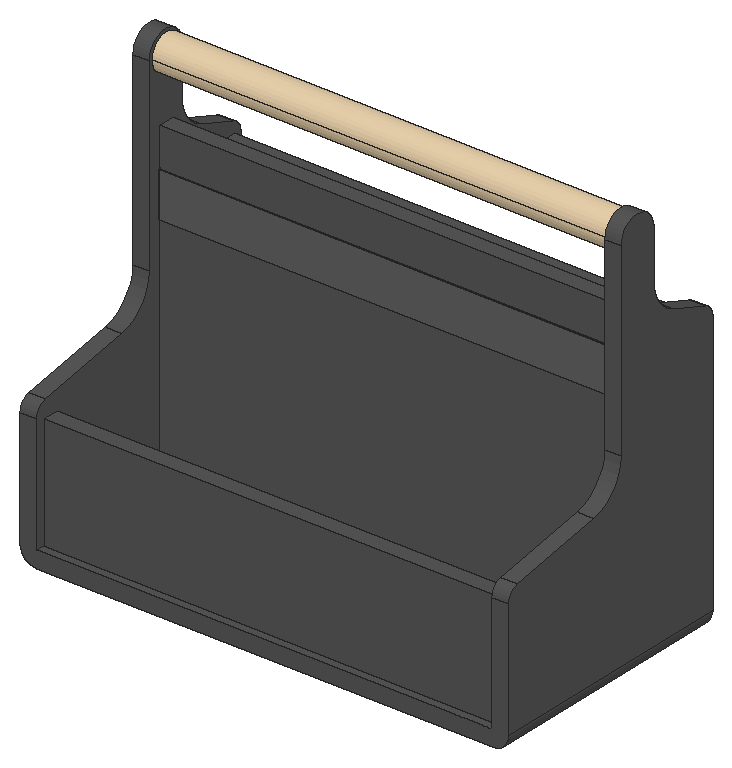
Revit family "Magnuson-YouMe-Desk_Caddy-", category Furniture, Revit 2020
Family settings
  OmniClass Number = 23.40.20.00
  OmniClass Title = General Furniture and Specialties
  Work Plane-Based = No
  Always vertical = Yes
  Cut with Voids When Loaded = No
  Shared = No
  Room Calculation Point = No
Parameters (values of type "YM20-CH")
  Width = 13.97635"
  URL = "www.magnusongroup.com"
  Type Comments = "YouMe"  # constant formula
  Salvage or Reuse = yes
  Rail Finish = MG - Wood
  Percentage of Recycled Content = 0
  Model = "YM20-CH"
  Manufacturer = "Magnuson Group"  # constant formula
  Low Emitting Material = yes
  Low Emitting Finish = yes
  Revit File Built By = "https://servex-us.com/servex-revit/"
  Keynote = "12500"  # constant formula
  Height Desk [instance] = 29"
  Height = 11 13/16"
  Front Finish = MG – Recycled PET
  Strap Finish = MG - Elastic (Strap)
  Divider Finish = MG – Recycled PET
  Description = "Personal caddy for laptops, tablets and other items made of Recycled PET with an Oak handle"
  Depth = 7.28345"
  Default Elevation = 0"
  Body Finish = MG – Recycled PET
  Back Finish = MG – Recycled PET
  Assembly Code = "E2020200"
Reference planes (in)
  plane 1 "Center Front/Back": y = 0
  plane 2: z = 0
  plane 3 "Center Left/Right": x = 0
  plane 4: x = 13.97635
  plane 5: y = -7.28345
  plane 6: z = 40.8125
  plane 7: z = 29
Forms (in)
  Extrusion 1, solid, material "MG – Recycled PET" <- "Body Finish"
    sketch origin (0.01933, 0, 6.75) x (0, 1, 0) y (0, 0, 1)
      loop
        line (0, 23) -> (0, 30.28193)
        arc (0, 30.28193) -> (-0.06674, 30.49548) -> (-0.24321, 30.63301) r 0.375
        line (-0.24321, 30.63301) -> (-1.37667, 31.0585)
        arc (-1.37667, 31.0585) -> (-1.90607, 31.4711) -> (-2.10629, 32.11174) r 1.125
        line (-2.10629, 32.11174) -> (-2.10629, 33.49245)
        arc (-2.10629, 33.49245) -> (-2.67716, 34.06331) -> (-3.24802, 33.49245) r 0.57087
        line (-3.24802, 33.49245) -> (-3.24802, 28.107)
        arc (-3.24802, 28.107) -> (-3.52582, 27.34377) -> (-4.22921, 26.93766) r 1.18737
        line (-4.22921, 26.93766) -> (-6.97357, 26.45376)
        arc (-6.97357, 26.45376) -> (-7.19572, 26.3255) -> (-7.28345, 26.08446) r 0.375
        line (-7.28345, 26.08446) -> (-7.28345, 23) -> (0, 23)
    from -0.01933 to 0.45311
  Extrusion 2, solid, material "MG – Recycled PET" <- "Body Finish"
    sketch origin (0, 0, 6.75) x (1, 0, 0) y (0, 0, 1)
      loop
        line (0, 23) -> (0, 22.71786)
        arc (0, 22.71786) -> (0.13703, 22.38703) -> (0.46786, 22.25) r 0.46786
        line (0.46786, 22.25) -> (13.5076, 22.25)
        arc (13.5076, 22.25) -> (13.83906, 22.38729) -> (13.97635, 22.71875) r 0.46875
        line (13.97635, 22.71875) -> (13.97635, 23) -> (13.50391, 23) -> (13.50391, 22.7224) -> (0.47244, 22.7224) -> (0.47244, 23) -> (0, 23)
    from 0 to 7.28345
  Extrusion 3, solid, material "MG – Recycled PET" <- "Body Finish"
    sketch origin (13.95702, 0, 6.75) x (0, 1, 0) y (0, 0, -1)
      loop
        line (0, -23) -> (-7.28345, -23) -> (-7.28345, -26.086)
        arc (-7.28345, -26.086) -> (-7.19572, -26.32704) -> (-6.97357, -26.4553) r 0.375
        line (-6.97357, -26.4553) -> (-4.22921, -26.9392)
        arc (-4.22921, -26.9392) -> (-3.52582, -27.34531) -> (-3.24802, -28.10854) r 1.18737
        line (-3.24802, -28.10854) -> (-3.24802, -33.49245)
        arc (-3.24802, -33.49245) -> (-2.67716, -34.06331) -> (-2.10629, -33.49245) r 0.57087
        line (-2.10629, -33.49245) -> (-2.10629, -32.11174)
        arc (-2.10629, -32.11174) -> (-1.90607, -31.4711) -> (-1.37667, -31.0585) r 1.125
        line (-1.37667, -31.0585) -> (-0.24321, -30.63301)
        arc (-0.24321, -30.63301) -> (-0.06674, -30.49548) -> (0, -30.28193) r 0.375
        line (0, -30.28193) -> (0, -23)
    from -0.01933 to 0.45311
  Extrusion 4, solid, material "MG - Wood" <- "Rail Finish"
    sketch origin (0, 0, 6.75) x (0, 1, 0) y (0, 0, 1)
      loop
        circle (-2.67716, 33.49245) r 0.5
    from 0.47244 to 13.50391
  Extrusion 5, solid, material "MG – Recycled PET" <- "Divider Finish"
    sketch origin (0, 0, 6.75) x (1, 0, 0) y (0, 0, 1)
      loop
        line (0.47244, 31.7003) -> (0.47244, 30.74042)
        arc (0.47244, 30.74042) -> (0.488, 30.66595) -> (0.53207, 30.60394) r 0.186
        arc (0.53207, 30.60394) -> (0.56296, 30.55854) -> (0.57086, 30.50419) r 0.12229
        line (0.57086, 30.50419) -> (0.57086, 29.42887)
        arc (0.57086, 29.42887) -> (0.56082, 29.37535) -> (0.53207, 29.32912) r 0.14764
        arc (0.53207, 29.32912) -> (0.49089, 29.26584) -> (0.47244, 29.19264) r 0.22986
        line (0.47244, 29.19264) -> (0.47244, 22.7224) -> (13.50391, 22.7224) -> (13.50391, 29.19264)
        arc (13.50391, 29.19264) -> (13.48546, 29.26584) -> (13.44428, 29.32912) r 0.22986
        arc (13.44428, 29.32912) -> (13.41552, 29.37535) -> (13.40548, 29.42887) r 0.14764
        line (13.40548, 29.42887) -> (13.40548, 30.50419)
        arc (13.40548, 30.50419) -> (13.41339, 30.55854) -> (13.44428, 30.60394) r 0.12229
        arc (13.44428, 30.60394) -> (13.48835, 30.66595) -> (13.50391, 30.74042) r 0.186
        line (13.50391, 30.74042) -> (13.50391, 31.7003) -> (0.47244, 31.7003)
    from 2.44094 to 2.91338
  Extrusion 6, solid, material "MG – Recycled PET" <- "Back Finish"
    sketch origin (0, 0, 6.75) x (0, 1, 0) y (0, 0, 1)
      loop
        line (-0.23622, 30.32235) -> (-0.70866, 30.32235) -> (-0.70866, 22.7224) -> (-0.23622, 22.7224) -> (-0.23622, 30.32235)
    from 0.47244 to 13.50391
  Sweep 7, solid, material "MG - Elastic (Strap)" <- "Strap Finish"
    path origin (0, 0, 6.75) x (1, 0, 0) y (0, 1, 0)
      loop
        arc (0.55141, -2.37844) -> (0.49557, -2.40157) -> (0.47244, -2.45741) r 0.07897
        line (0.47244, -2.45741) -> (0.47244, -2.89733)
        arc (0.47244, -2.89733) -> (0.49545, -2.95287) -> (0.55099, -2.97588) r 0.07855
        line (0.55099, -2.97588) -> (13.42579, -2.97588)
        arc (13.42579, -2.97588) -> (13.48103, -2.953) -> (13.50391, -2.89776) r 0.07813
        line (13.50391, -2.89776) -> (13.50391, -2.45657)
        arc (13.50391, -2.45657) -> (13.48103, -2.40132) -> (13.42579, -2.37844) r 0.07813
        line (13.42579, -2.37844) -> (0.55141, -2.37844)
    profile origin (6.9886, -2.37844, 6.75) x (0, 1, 0) y (0, 0, 1)
      loop
        line (0, 29.33656) -> (0, 30.5964) -> (-0.0625, 30.5964) -> (-0.0625, 29.33656) -> (0, 29.33656)
  Extrusion 8, solid, material "MG – Recycled PET" <- "Front Finish"
    sketch origin (0, 0, 6.75) x (0, 1, 0) y (0, 0, 1)
      loop
        line (-6.57479, 25.99011) -> (-7.04723, 25.99011) -> (-7.04723, 22.7224) -> (-6.57479, 22.7224) -> (-6.57479, 25.99011)
    from 0.47244 to 13.50391
Cuts and joins
  joined: Extrusion 1, Extrusion 2, Extrusion 3
Lines and regions (in)
  symbolic lines
    curve 1: line (0, 0, 0) -> (0.47244, 0, 0)
    curve 2: line (0, -7.28345, 0) -> (0, 0, 0)
    curve 3: line (0.47244, -7.28345, 0) -> (0, -7.28345, 0)
    curve 4: line (0.47244, 0, 0) -> (0.47244, -7.28345, 0)
    curve 5: line (13.5076, 0, 0) -> (13.97635, 0, 0)
    curve 6: line (13.5076, -7.28345, 0) -> (13.5076, 0, 0)
    curve 7: line (13.97635, -7.28345, 0) -> (13.5076, -7.28345, 0)
    curve 8: line (13.97635, 0, 0) -> (13.97635, -7.28345, 0)
    curve 9: line (0.47244, -2.17487, 0) -> (13.5076, -2.17487, 0)
    curve 10: line (0.47244, -3.17487, 0) -> (13.5076, -3.17487, 0)
    curve 11: line (0.47244, 0, 0) -> (13.5076, 0, 0)
    curve 12: line (13.5076, -0.23622, 0) -> (0.47244, -0.23622, 0)
    curve 13: line (0.47244, -0.70866, 0) -> (13.5076, -0.70866, 0)
    curve 14: line (0.47244, -7.04723, 0) -> (13.5076, -7.04723, 0)
    curve 15: line (13.5076, -6.57479, 0) -> (0.47244, -6.57479, 0)
    curve 16: line (0, -3.24802, 0) -> (0.47244, -3.24802, 0)
    curve 17: line (0, -2.10629, 0) -> (0.47244, -2.10629, 0)
    curve 18: line (13.5076, -2.10629, 0) -> (13.97635, -2.10629, 0)
    curve 19: line (13.5076, -3.24802, 0) -> (13.97635, -3.24802, 0)
Dimensions and locks (in)
  "Width": plane 3 "Center Left/Right" to plane 4
  "Depth": plane 5 to plane 1 "Center Front/Back"
  "Height Desk": plane 2 to plane 7
  "Height": plane 7 to plane 6
  Extrusion 1 sketch curve to Extrusion 1 sketch curve to Extrusion 1 sketch curve to Extrusion 1 sketch curve to Extrusion 1 sketch curve to Extrusion 1 sketch curve to Extrusion 1 sketch curve to Extrusion 1 sketch curve to Extrusion 1 sketch curve to Extrusion 1 sketch curve to Extrusion 1 sketch curve to Extrusion 1 sketch curve = 1.38071" locked, 1.05323" locked, 0.42549" locked, 0.35108" locked, 2.17493" locked, 0" locked, 1.16933" locked, 0.4839" locked, 0.3693" locked, 0" locked, 3.08446" locked
  plane 7 to Extrusion 3 sketch curve to Extrusion 3 sketch curve to Extrusion 3 sketch curve to Extrusion 3 sketch curve to Extrusion 3 sketch curve to Extrusion 3 sketch curve to Extrusion 3 sketch curve to Extrusion 3 sketch curve to Extrusion 3 sketch curve to Extrusion 3 sketch curve to Extrusion 3 sketch curve to Extrusion 3 sketch curve to Extrusion 3 sketch curve = 3/4" locked, 3.086" locked, 0" locked, 0.3693" locked, 0.4839" locked, 1.16933" locked, 0" locked, 2.17339" locked, 0.35108" locked, 0.42549" locked, 1.05323" locked, 0" locked, 1.38071" locked
  plane 7 to Extrusion 6 sketch curve to Extrusion 6 sketch curve = 0.4724" locked, 7.59995" locked
  plane 7 to Extrusion 8 sketch curve to Extrusion 8 sketch curve = 0.4724" locked, 3.26771" locked
  Extrusion 5 sketch curve to Extrusion 5 sketch curve to Extrusion 5 sketch curve to Extrusion 5 sketch curve to Extrusion 5 sketch curve to Extrusion 5 sketch curve to plane 7 = 0.95988" locked, 0.22621" locked, 1.08534" locked, 0.25506" locked, 6.45141" locked, 0.4724" locked
  plane 7 to Sweep 7 sketch curve to Sweep 7 sketch curve = 7.08656" locked, 1.25984" locked
  locked: plane 7 to Extrusion 4 sketch curve at 11.24245
  aligned and locked: level to plane 2
  aligned and locked: Extrusion 1 to plane 3 "Center Left/Right"
  aligned and locked: Extrusion 2 sketch curve to plane 3 "Center Left/Right"
  aligned and locked: Extrusion 2 to plane 1 "Center Front/Back"
  aligned and locked: plane 5 to Extrusion 2
  aligned and locked: Extrusion 4 to cut or joined group of Extrusion 1, Extrusion 2, Extrusion 3  (x2)
  aligned and locked: Extrusion 6 to cut or joined group of Extrusion 1, Extrusion 2, Extrusion 3  (x2)
  aligned and locked: curve 2 to cut or joined group of Extrusion 1, Extrusion 2, Extrusion 3
  aligned and locked: curve 5 to cut or joined group of Extrusion 1, Extrusion 2, Extrusion 3
  aligned and locked: curve 6 to cut or joined group of Extrusion 1, Extrusion 2, Extrusion 3
  aligned and locked: curve 7 to cut or joined group of Extrusion 1, Extrusion 2, Extrusion 3
  aligned and locked: curve 8 to cut or joined group of Extrusion 1, Extrusion 2, Extrusion 3
  aligned and locked: curve 12 to Extrusion 6
  aligned and locked: curve 13 to Extrusion 6
  aligned and locked: plane 7 to Extrusion 2 sketch curve
  aligned and locked: Extrusion 2 sketch curve to Extrusion 2 sketch curve
Automatic sketch dimensions
  plane 5 to curve 4 = 0"
  plane 3 "Center Left/Right" to curve 4 = 0.47244"
  curve 14 to plane 5 = 0.23622"
  curve 14 to curve 15 = 0.47244"
  curve 16 to curve 13 = 2.53936"
  curve 19 to curve 13 = 2.53936"
  curve 19 to curve 10 = 0.07315"
  curve 10 to curve 9 = 1"
  curve 9 to curve 18 = 0.06858"
  curve 9 to curve 17 = 0.06858"
  Extrusion 1 sketch curve to plane 5 = 0"
  Extrusion 1 sketch curve to plane 1 "Center Front/Back" = 0"
  Extrusion 1 sketch curve to plane 5 = 0.30988"
  Extrusion 1 sketch curve to Extrusion 1 sketch curve = 0.20618"
  Extrusion 1 sketch curve to Extrusion 1 sketch curve = 0.57087"
  Extrusion 1 sketch curve to Extrusion 1 sketch curve = 0.72962"
  plane 1 "Center Front/Back" to Extrusion 1 sketch curve = 0.98129"
  plane 1 "Center Front/Back" to Extrusion 1 sketch curve = 0.24321"
  plane 6 to Extrusion 1 sketch curve = 0.57005"
  Extrusion 2 sketch curve to plane 4 = 0"
  Extrusion 2 sketch curve to Extrusion 2 sketch curve = 0.00458"
  Extrusion 2 sketch curve to Extrusion 2 sketch curve = 0.00369"
  Extrusion 2 sketch curve to Extrusion 2 sketch curve = 0.00365"
  Extrusion 2 sketch curve to Extrusion 2 sketch curve = 0.28214"
  Extrusion 2 sketch curve to Extrusion 2 sketch curve = 0.2776"
  Extrusion 3 sketch curve to plane 5 = 0"
  Extrusion 3 sketch curve to plane 1 "Center Front/Back" = 0"
  Extrusion 3 sketch curve to Extrusion 3 sketch curve = 0.06512"
  Extrusion 3 sketch curve to Extrusion 3 sketch curve = 0.20618"
  Extrusion 3 sketch curve to Extrusion 3 sketch curve = 0.57087"
  Extrusion 3 sketch curve to Extrusion 3 sketch curve = 0.72962"
  plane 1 "Center Front/Back" to Extrusion 3 sketch curve = 0.98129"
  plane 1 "Center Front/Back" to Extrusion 3 sketch curve = 0.24321"
  plane 1 "Center Front/Back" to Extrusion 4 sketch curve = 2.67716"
  plane 3 "Center Left/Right" to Extrusion 5 sketch curve = 0.42323"
  plane 3 "Center Left/Right" to Extrusion 5 sketch curve = 0.44898"
  plane 3 "Center Left/Right" to Extrusion 5 sketch curve = 0.47244"  (x2)
  Extrusion 5 sketch curve to Extrusion 5 sketch curve = 0.14764"  (x2)
  Extrusion 5 sketch curve to Extrusion 5 sketch curve = 0.186"  (x2)
  Extrusion 5 sketch curve to Extrusion 5 sketch curve = 0.22909"
  Extrusion 5 sketch curve to plane 4 = 0.70153"
  Extrusion 5 sketch curve to plane 4 = 0.65844"
  Extrusion 5 sketch curve to Extrusion 5 sketch curve = 0.08757"
  Extrusion 5 sketch curve to plane 4 = 0.47244"
  Extrusion 5 sketch curve to Extrusion 5 sketch curve = 0.12188"
  Extrusion 5 sketch curve to Extrusion 5 sketch curve = 0.01883"  (x2)
  Extrusion 5 sketch curve to Extrusion 5 sketch curve = 0.23623"
  Extrusion 5 sketch curve to Extrusion 5 sketch curve = 1.07532"
  Extrusion 5 sketch curve to Extrusion 5 sketch curve = 0.01002"  (x2)
  Extrusion 5 sketch curve to Extrusion 5 sketch curve = 0.22621"
  Extrusion 5 sketch curve to Extrusion 5 sketch curve = 0.95988"
  plane 1 "Center Front/Back" to Extrusion 6 sketch curve = 0.70866"
  plane 1 "Center Front/Back" to Extrusion 6 sketch curve = 0.23622"
  plane 3 "Center Left/Right" to Sweep 7 sketch curve = 0.47244"
  Sweep 7 sketch curve to Sweep 7 sketch curve = 0.07855"
  Sweep 7 sketch curve to Sweep 7 sketch curve = 0.07897"
  Sweep 7 sketch curve to plane 4 = 0.55057"
  Sweep 7 sketch curve to Sweep 7 sketch curve = 0"
  Sweep 7 sketch curve to Sweep 7 sketch curve = 5/64"
  plane 1 "Center Front/Back" to Sweep 7 sketch curve = 2.97588"
  Sweep 7 sketch curve to Sweep 7 sketch curve = 0.43992"
  Sweep 7 sketch curve to profile plane = 0"
  profile plane to Sweep 7 sketch curve = 1/16"
  Extrusion 8 sketch curve to plane 5 = 0.23622"
  Extrusion 8 sketch curve to Extrusion 8 sketch curve = 0.47244"
  plane 3 "Center Left/Right" to Extrusion 2 sketch curve = 0.46786"
  radius of Extrusion 4 sketch curve = 1/2"
